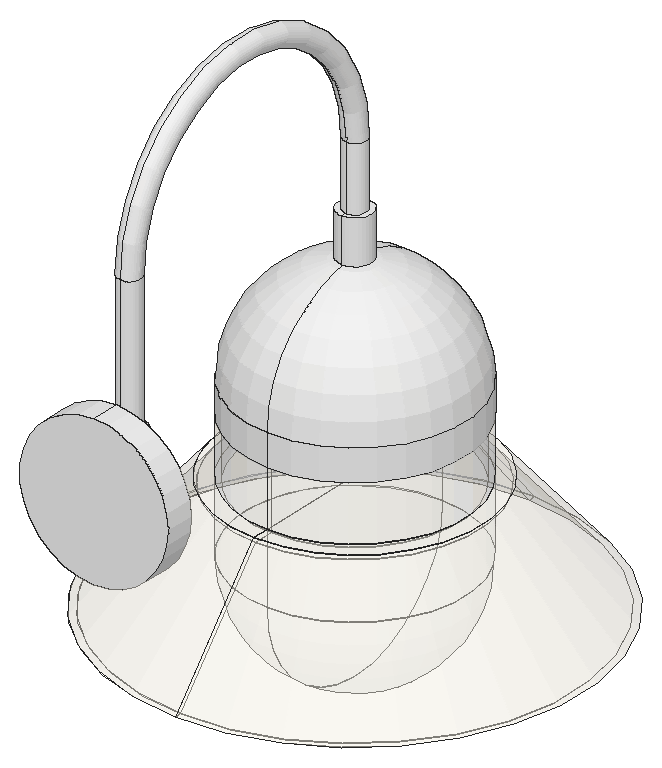
Revit family
Parameters (values of type "100 watt Incandescent")
  Wattage = 10.7714 W
  built-in parameter 1150110 = 1 (stored number, unit not read)
  built-in parameter 1114217 = 1 (stored number, unit not read)
  built-in parameter 1150109 = 1 (stored number, unit not read)
  built-in parameter 1150134 = 3
  built-in parameter 1150113 = 1 (stored number, unit not read)
  Material Bulb = Glass - White, High Luminance
  built-in parameter 1150105 = 30897.3 (stored number, unit not read)
  Lumens = 1600 lm
  Material Shade = Glass - Frosted
  built-in parameter 1010506 = 0.7854 (stored number, unit not read)
  built-in parameter 1010507 = 0.2618 (stored number, unit not read)
  Tilt Angle = 0.00°
  Material Wall Mount = Metal - Chrome
  Wattage Comments = "100"
  built-in parameter 1150115 = 1 (stored number, unit not read)
  Light Source Symbol Length = 3048 mm
  built-in parameter 1150137 = (empty or 0)
  built-in parameter 1150139 = (empty or 0)
  built-in parameter 1150112 = 1 (stored number, unit not read)
  built-in parameter 1150114 = 1 (stored number, unit not read)
  Keynote = "V"
  built-in parameter 1150132 = 2
  built-in parameter 1150102 = (empty or 0)
  built-in parameter 1150107 = 3200 (stored number, unit not read)
  built-in parameter 1150138 = (empty or 0)
  built-in parameter 1150106 = 308.97 (stored number, unit not read)
  built-in parameter 1150104 = 13.8 (stored number, unit not read)
  Dimming Lamp Color Temperature Shift = (empty or 0)
  Color Filter = 16777215
  built-in parameter 1114218 = 1 (stored number, unit not read)
  built-in parameter 1150133 = 10 (stored number, unit not read)
Types (3, lengths in mm): name | Wattage | built-in parameter 1150105 | Lumens | Wattage Comments | built-in parameter 1150106
  (no name) | 10.7714 W | 30897.3 (stored number, unit not read) | 1600 lm | "100" | 308.97 (stored number, unit not read)
  150 watt Incandescent | 16.1571 W | 46346 (stored number, unit not read) | 2400 lm | "150" | 463.46 (stored number, unit not read)
  100 watt Incandescent | 10.7714 W | 30897.3 (stored number, unit not read) | 1600 lm | "100" | 308.97 (stored number, unit not read)
Reference planes
  plane 1: y = 0
  plane 2 "Light Source Axis": y = 265.112
  plane 3 "Light Source Axis": x = -36.356
  plane 4 "Light Source Elevation": z = 2133.6
  plane 5: y = 395.288
  plane 6: y = 134.938
  plane 7: z = 2501.9
  plane 8: y = 76.2
  plane 9: z = 2317.75
  plane 10: z = 2246.69
  plane 11: y = 101.64
  plane 12: z = 2169.524
  plane 13: z = 2197.1
  plane 14: z = 2234.395
  plane 15: z = 2237.57
  plane 16: z = 2269.827
  plane 17: z = 2351.551
  plane 18: z = 2376.625
  plane 19: z = 2413.764
  plane 20: y = 92.439
  plane 21: y = 101.64
  plane 22: z = 2307.108
Forms (mm)
  Sweep 1, solid, material "Metal - Chrome" <- "Material Wall Mount"
    path origin (-36.356, 0, 0) x (0, -1, 0) y (0, 0, 1)
      loop
        line (-101.64, 2317.75) -> (-101.64, 2413.764)
        arc (-101.64, 2413.764) -> (-183.376, 2495.501) -> (-265.112, 2413.764) r 81.736
        line (-265.112, 2413.764) -> (-265.112, 2376.625)
    profile origin (-36.356, 183.376, 0) x (0, 0, -1) y (-1, 0, 0)
      loop
        circle (-2495.501, 0) r 6.35
  Revolve 2, solid, material "Metal - Chrome" <- "Material Wall Mount"
    sketch origin (-36.356, 0, 0) x (0, -1, 0) y (0, 0, 1)
      loop
        line (-101.64, 2334.625) -> (-101.64, 2297.908)
        arc (-101.64, 2297.908) -> (-95.134, 2300.602) -> (-92.439, 2307.108) r 9.2
        line (-92.439, 2307.108) -> (-92.439, 2334.625) -> (-101.64, 2334.625)
      axis (-101.64, 2334.625) -> (-101.64, 2297.908)
    angle from 0 to 360
  Revolve 3, solid, material "Metal - Chrome" <- "Material Wall Mount"
    sketch origin (-36.356, 0, 0) x (0, -1, 0) y (0, 0, 1)
      loop
        line (-255.587, 2376.625) -> (-265.112, 2376.625) -> (-265.112, 2351.551) -> (-255.587, 2351.551) -> (-255.587, 2376.625)
      axis (-265.112, 2351.551) -> (-265.112, 2376.625)
    angle from 0 to 360
  Revolve 4, solid, material "Metal - Chrome" <- "Material Wall Mount"
    sketch origin (-36.356, 0, 0) x (0, -1, 0) y (0, 0, 1)
      loop
        arc (-201.612, 2287.782) -> (-220.211, 2332.683) -> (-265.112, 2351.282) r 63.5
        line (-265.112, 2351.282) -> (-265.112, 2269.827) -> (-201.612, 2269.827) -> (-201.612, 2287.782)
      axis (-265.112, 2269.827) -> (-265.112, 2351.282)
    angle from 0 to 360
  Revolve 5, solid, material "Glass - Frosted" <- "Material Shade"
    sketch origin (-36.356, 0, 0) x (0, -1, 0) y (0, 0, 1)
      loop
        line (-201.612, 2269.827) -> (-204.787, 2269.827) -> (-204.787, 2234.395) -> (-193.358, 2234.395) -> (-139.077, 2169.524) -> (-134.937, 2169.524) -> (-191.875, 2237.57) -> (-201.612, 2237.57) -> (-201.612, 2269.827)
      axis (-265.112, 2169.524) -> (-265.112, 2269.827)
    angle from 0 to 360
  Revolve 6, solid, material "Glass - White, High Luminance" <- "Material Bulb"
    sketch origin (-36.356, 0, 0) x (0, -1, 0) y (0, 0, 1)
      loop
        line (-201.612, 2237.57) -> (-265.112, 2237.57) -> (-265.112, 2133.6)
        arc (-265.112, 2133.6) -> (-220.211, 2152.199) -> (-201.612, 2197.1) r 63.5
        line (-201.612, 2197.1) -> (-201.612, 2237.57)
      axis (-265.112, 2133.6) -> (-265.112, 2237.57)
    angle from 0 to 360
  Extrusion 7, solid, material "Metal - Chrome" <- "Material Wall Mount"
    sketch origin (0, 76.2, 0) x (0, 0, 1) y (-1, 0, 0)
      loop
        circle (2307.108, 36.356) r 43.012
    from 0 to -16.239
Lines and regions (mm)
  symbolic lines
    curve 1: arc (93.819, 265.112, 2169.524) -> (-36.356, 395.287, 2169.524) -> (-166.531, 265.112, 2169.524) r 130.175
    curve 2: arc (-166.531, 265.112, 2169.524) -> (-36.356, 134.937, 2169.524) -> (93.819, 265.112, 2169.524) r 130.175
    curve 3: arc (89.679, 265.112, 2169.524) -> (-36.356, 391.148, 2169.524) -> (-162.391, 265.112, 2169.524) r 126.035
    curve 4: arc (-162.391, 265.112, 2169.524) -> (-36.356, 139.077, 2169.524) -> (89.679, 265.112, 2169.524) r 126.035
  symbolic lines, style "LightingFixtures"
    curve 5: arc (89.679, 265.112, 0) -> (-36.356, 391.148, 0) -> (-162.391, 265.112, 0) r 126.035
    curve 6: arc (-162.391, 265.112, 0) -> (-36.356, 139.077, 0) -> (89.679, 265.112, 0) r 126.035
Text (mm)
  text "Placement Side" at (0, 1019.848, 3124.603), in view "Right"
  text "Placement Side" at (-1163.331, 723.012, 0), in view "Ref. Level"
  text "Placement Side" at (0, 1447.967, 3122.4), in view "Left"
Dimensions and locks
  plane 5 to plane 6 to plane 8 = 260.35 mm locked, 58.737 mm locked
  equal spacing: plane 5, plane 2 "Light Source Axis", plane 6
  equal spacing: plane 4 "Light Source Elevation", plane 9, plane 7, locked at 184.15 each
  plane 4 "Light Source Elevation" to plane 7 = 368.3 mm
  plane 6 to plane 5 = 260.35 mm
  host wall to plane 5 = 319.088 mm
  locked: plane 12 to plane 14 at 64.871
  locked: plane 12 to plane 4 "Light Source Elevation" at 35.924
  locked: plane 12 to plane 15 at 68.046
  locked: plane 4 "Light Source Elevation" to plane 13 at 63.5
  locked: plane 15 to plane 16 at 32.257
  locked: Revolve 5 sketch curve to Revolve 5 sketch curve at 3.175
  locked: plane 16 to plane 17 at 81.724
  locked: Revolve 3 sketch curve to Revolve 3 sketch curve at 25.074
  locked: plane 17 to plane 18 at 25.074
  locked: plane 18 to plane 19 at 37.139
  locked: plane 8 to plane 20 at 16.239
  locked: plane 20 to plane 21 at 9.2
  locked: plane 4 "Light Source Elevation" to plane 22 at 173.508
  aligned and locked: plane 8 to host wall
  aligned and locked: Sweep 1 sketch curve to plane 9
  aligned and locked: Revolve 5 sketch curve to plane 12
  aligned and locked: Revolve 6 sketch curve to plane 15
  aligned and locked: plane 13 to Revolve 6 sketch curve
  aligned and locked: Revolve 5 sketch curve to plane 16
  aligned and locked: plane 15 to Revolve 5 sketch curve
  aligned and locked: Revolve 4 sketch curve to plane 16
  aligned and locked: plane 17 to Revolve 3 sketch curve
  aligned and locked: Sweep 1 sketch curve to plane 18
  aligned and locked: plane 19 to Sweep 1 sketch curve  (x2)
  aligned and locked: Extrusion 7 sketch curve to plane 22
  aligned and locked: Revolve 2 sketch curve to plane 22
  aligned and locked: plane 20 to Revolve 2 sketch curve
  aligned and locked: plane 21 to Revolve 2 sketch curve
  aligned and locked: Revolve 2 sketch curve to plane 21
  aligned and locked: plane 3 "Light Source Axis" to imposter light
  aligned and locked: plane 2 "Light Source Axis" to imposter light
  aligned and locked: plane 4 "Light Source Elevation" to imposter light
Automatic sketch dimensions
  Sweep 1 sketch curve to plane 3 "Light Source Axis" = 0 mm
  Sweep 1 sketch curve to profile plane = 0 mm
  profile plane to Sweep 1 sketch curve = 6.35 mm
  Sweep 1 sketch curve to plane 2 "Light Source Axis" = 0 mm
  Sweep 1 sketch curve to plane 6 = 33.298 mm
  Revolve 3 sketch curve to plane 2 "Light Source Axis" = 0 mm  (x2)
  Revolve 3 sketch curve to Revolve 3 sketch curve = 9.525 mm
  Revolve 3 sketch curve to level = 914.4 mm
  Revolve 3 sketch curve to plane 7 = 159.154 mm
  Revolve 4 sketch curve to plane 2 "Light Source Axis" = 0 mm  (x2)
  Revolve 4 sketch curve to Revolve 4 sketch curve = 63.5 mm
  Revolve 4 sketch curve to Revolve 4 sketch curve = 17.955 mm
  Revolve 4 sketch curve to level = 914.4 mm
  Revolve 4 sketch curve to plane 7 = 159.154 mm
  Revolve 5 sketch curve to plane 2 "Light Source Axis" = 0 mm
  Revolve 5 sketch curve to plane 6 = 0 mm
  plane 2 "Light Source Axis" to Revolve 5 sketch curve = 60.325 mm
  Revolve 5 sketch curve to Revolve 5 sketch curve = 3.175 mm
  Revolve 5 sketch curve to Revolve 5 sketch curve = 8.254 mm
  Revolve 5 sketch curve to Revolve 5 sketch curve = 1.483 mm
  Revolve 5 sketch curve to Revolve 5 sketch curve = 4.14 mm
  Revolve 5 sketch curve to level = 914.4 mm
  Revolve 5 sketch curve to plane 7 = 159.154 mm
  Revolve 6 sketch curve to plane 2 "Light Source Axis" = 0 mm  (x2)
  Revolve 6 sketch curve to Revolve 6 sketch curve = 63.5 mm
  Revolve 6 sketch curve to level = 914.4 mm
  Revolve 6 sketch curve to plane 7 = 159.154 mm
  Extrusion 7 sketch curve to plane 3 "Light Source Axis" = 0 mm
  plane 16 to Extrusion 7 sketch curve = 5.731 mm
  plane 4 "Light Source Elevation" to Revolve 2 sketch curve = 55.093 mm
  Revolve 2 sketch curve to plane 9 = 16.875 mm
  plane 7 to Revolve 2 sketch curve = 29.153 mm
  curve 1 to plane 2 "Light Source Axis" = 0 mm
  curve 4 to plane 2 "Light Source Axis" = 0 mm
  curve 6 to plane 2 "Light Source Axis" = 0 mm
  curve 3 to plane 3 "Light Source Axis" = 0 mm
  curve 2 to plane 3 "Light Source Axis" = 0 mm
  curve 5 to plane 3 "Light Source Axis" = 0 mm
  plane 3 "Light Source Axis" to curve 3 = 126.035 mm
  curve 5 to curve 3 = 0 mm
  curve 2 to curve 3 = 4.14 mm
